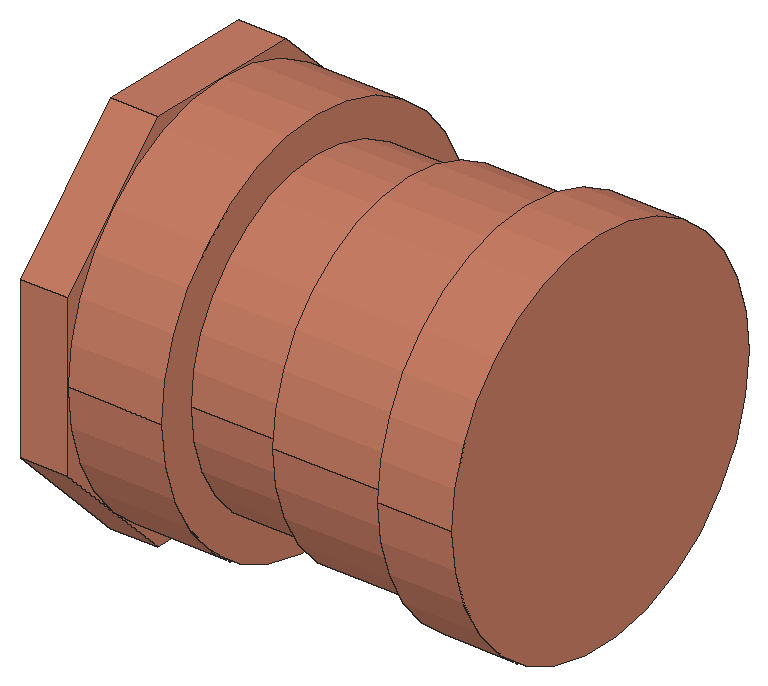
Revit family "CouplingFemale-B-PressXL-Water-Gas-Conex-65-100mm", category Pipe Fittings, Revit 2019
Family settings
  Round Connector Dimension = Use Diameter
  Part Type = Union
  OmniClass Number = 23.60.30.11.14
  OmniClass Title = Pipework Fittings
  Work Plane-Based = No
  Always vertical = Yes
  Cut with Voids When Loaded = No
  Shared = No
Parameters (values of type "Gas")
  Z [instance] = size_lookup(Lookup Table Name, "Z", L * 0.35, NominalDiameter)  # 37.00 mm
  WorkingFluidSelector = 1
  WorkingFluid [instance] = if(WorkingFluidSelector = 1, "Gas", if(WorkingFluidSelector = 2, "Water", "WorkingFluid NA"))  # "Gas"
  Uniformat IIElements = "TBC"
  URL = "http://www.conexbanninger.com.au/products/b-press-fittings#t=b-press-xl"
  Type Comments = "TBC"
  ThreadLength [instance] = Z * 0.55  # 20.35 mm
  SocketDepth [instance] = size_lookup(Lookup Table Name, "SD", L * 0.4, NominalDiameter)  # 60.00 mm
  SerialNumber [instance] = ""
  SealRingLength [instance] = SocketDepth * 0.4  # 24.00 mm
  SealRingDiameter [instance] = NominalDiameter * 1.2  # 120.00 mm
  S [instance] = size_lookup(Lookup Table Name, "S", NominalDiameter * 1.15, NominalDiameter)  # 125.00 mm
  RP [instance] = size_lookup(Lookup Table Name, "R", NominalDiameter, NominalDiameter)  # 101.60 mm
  ProductCode [instance] = if(and(NominalDiameter = 65.00 mm, WorkingFluidSelector = 1), "405127", if(and(NominalDiameter = 80.00 mm, WorkingFluidSelector = 1), "405128", if(and(NominalDiameter = 100.00 mm, WorkingFluidSelector = 1), "405129", if(and(NominalDiameter = 65.00 mm, WorkingFluidSelector = 2), "404946", if(and(NominalDiameter = 80.00 mm, WorkingFluidSelector = 2), "404947", if(and(NominalDiameter = 100.00 mm, WorkingFluidSelector = 2), "404948", "ProductCode NA"))))))  # "405129"
  OmniclassProducts = "TBC"
  OctagonLength [instance] = Z * 0.3  # 11.10 mm
  NominalDiameter [instance] = 100.00 mm
  NATSPECWorkSection = "TBC"
  ModifiedIssue_ANZRS = 20161221.54  # constant formula
  Model Version = "2015"
  Model Status [instance] = ""
  Model Specification = "BMA"
  Model = "Coupling Female"  # constant formula
  Material = Copper
  Mark [instance] = ""
  Manufacturer = "Conex | Bänninger"  # constant formula
  Loss Method = Not Defined
  Lookup Table Name = "CouplingFemale-B-PressXL-Water-Gas-Conex-65-100mm"
  L [instance] = size_lookup(Lookup Table Name, "L", NominalDiameter * 2.5, NominalDiameter)  # 138.00 mm
  K Coefficient Table = "Reducer/Coupling/Union/Increaser"
  built-in parameter 1114238 [instance] = not(0.00 mm < size_lookup(Lookup Table Name, "L", 0.00 mm, NominalDiameter))  # (empty or 0)
  FittingOutsideDiameter [instance] = NominalDiameter * 1.1  # 110.00 mm
  FinalHHWFlow [instance] = 0.0 L/s
  Description = ">B< Press XL has only two internal parts, the grip ring and the seal. Both parts have an internal diameter larger than the tube, which allows for easy tube insertion and pre press leak indication."  # constant formula
  CustomFitting [instance] = not(0.00 mm < size_lookup(Lookup Table Name, "L", 0.00 mm, NominalDiameter))  # no
  CreatedBy_ANZRS = "A2K Technologies"  # constant formula
  CreatedByURL_ANZRS = "http://www.bimmepaus.com.au/"
  Assembly Code = "D2090800"
Types (2, lengths in mm): name | WorkingFluidSelector | WorkingFluid | ProductCode
  Gas | 1 | "Gas" | "405129"
  Water | 2 | "Water" | "404948"
Reference planes
  plane 1 "Center (Front/Back)": y = 0
  plane 2: z = 0
  plane 3 "Center (Left/Right)": x = 0
  plane 4 "LL": x = -69
  plane 5 "LR": x = 69
  plane 6 "Z": x = 9
  plane 7 "ND2": y = 50
  plane 8 "ND1": y = -50
  plane 9: y = 55
  plane 10: y = -55
  plane 11: x = -28
  plane 12: x = -23
  plane 13 "SealRing": x = 45
  plane 14 "EQ1": x = -53.667
  plane 15 "EQ2": x = -38.333
Forms (mm)
  Extrusion 1, solid, material "Copper" <- "Material", detail levels fine
    sketch origin (0, 0, 0) x (0, 1, 0) y (0, 0, 1)
      loop
        line (-25.888, 62.5) -> (-62.5, 25.888) -> (-62.5, -25.888) -> (-25.888, -62.5) -> (25.888, -62.5) -> (62.5, -25.888) -> (62.5, 25.888) -> (25.888, 62.5) -> (-25.888, 62.5)
    from -69 to -53.667
  Revolve 2, solid, material "Copper" <- "Material", detail levels fine
    sketch origin (0, 0, 0) x (1, 0, 0) y (0, 1, 0)
      loop
        line (-23, 0) -> (69, 0) -> (69, 55) -> (7, 55) -> (7, 51) -> (-23, 51) -> (-23, 0)
      axis (-23, 0) -> (69, 0)
    angle from 0 to 360
  Extrusion 3, solid, material "Copper" <- "Material", detail levels fine
    sketch origin (0, 0, 0) x (0, 1, 0) y (0, 0, 1)
      loop
        circle (0, 0) r 60
    from 45 to 69
  Extrusion 4, solid, material "Copper" <- "Material", detail levels fine
    sketch origin (0, 0, 0) x (0, 1, 0) y (0, 0, 1)
      loop
        circle (0, 0) r 62.5
    from -53.667 to -23
Cuts and joins
  joined: Extrusion 1, Revolve 2, Extrusion 3, Extrusion 4
Lines and regions (mm)
  model lines, detail levels coarse+medium
    curve 1: line (-28, 0, 0) -> (9, 0, 0)
    curve 2: line (-28, -50, 0) -> (-28, 50, 0)
    curve 3: line (9, -50, 0) -> (69, -50, 0)
    curve 4: line (9, 50, 0) -> (9, -50, 0)
    curve 5: line (69, 50, 0) -> (9, 50, 0)
    curve 6: line (-69, 50, 0) -> (-28, 50, 0)
    curve 7: line (-69, -50, 0) -> (-28, -50, 0)
Dimensions and locks
  equal spacing: plane 4 "LL", plane 3 "Center (Left/Right)", plane 5 "LR"
  "L": plane 4 "LL" to plane 5 "LR"
  equal spacing: plane 7 "ND2", plane 1 "Center (Front/Back)", plane 8 "ND1"
  "NominalDiameter": plane 7 "ND2" to plane 8 "ND1"
  equal spacing: plane 10, plane 1 "Center (Front/Back)", plane 9
  "FittingOutsideDiameter": plane 9 to plane 10
  equal spacing: Extrusion 1 sketch curve, plane 1 "Center (Front/Back)", Extrusion 1 sketch curve  (x3)
  equal spacing: Extrusion 1 sketch curve, level, Extrusion 1 sketch curve
  "S": Extrusion 1 sketch curve to Extrusion 1 sketch curve  (x4)
  "SealRingLength": plane 13 "SealRing" to plane 5 "LR"
  locked: Revolve 2 sketch curve to plane 7 "ND2" at 1
  locked: Revolve 2 sketch curve to plane 6 "Z" at 2
  equal spacing: curve 2, plane 1 "Center (Front/Back)", curve 2
  "NominalDiameter": curve 2 to curve 2
  locked: plane 1 "Center (Front/Back)" to connector elem at 0
  locked: connector elem to level  (x2)
  "Z": plane 11 to plane 6 "Z"
  "SocketDepth": plane 6 "Z" to plane 5 "LR"
  locked: plane 11 to plane 12 at 5
  locked: curve 1 to connector elem at 0
  equal spacing: plane 4 "LL", plane 14 "EQ1", plane 15 "EQ2", plane 12
  "SealRingDiameter": diameter of Extrusion 3 sketch curve
  "S": diameter of Extrusion 4 sketch curve
  locked: Extrusion 1 sketch curve to Extrusion 1 sketch curve (angle 135.00°)  (x7)
  aligned and locked: plane 2 to level
  aligned and locked: Revolve 2 sketch curve to plane 9
  aligned and locked: Revolve 2 sketch curve to plane 5 "LR"
  aligned and locked: Revolve 2 sketch curve to plane 12
  aligned and locked: plane 1 "Center (Front/Back)" to Revolve 2 sketch curve
  aligned and locked: plane 1 "Center (Front/Back)" to Extrusion 3 sketch curve
  aligned and locked: level to Extrusion 3 sketch curve
  aligned and locked: Extrusion 3 to plane 13 "SealRing"
  aligned and locked: Extrusion 3 to plane 5 "LR"
  aligned and locked: plane 6 "Z" to curve 1
  aligned and locked: curve 3 to plane 8 "ND1"
  aligned and locked: curve 4 to plane 6 "Z"
  aligned and locked: plane 5 "LR" to curve 5
  aligned and locked: curve 3 to plane 5 "LR"
  aligned and locked: cut or joined group of Extrusion 1, Revolve 2, Extrusion 3, Extrusion 4 to plane 4 "LL"
  aligned and locked: Extrusion 1 to plane 14 "EQ1"
  aligned and locked: plane 1 "Center (Front/Back)" to Extrusion 4 sketch curve
  aligned and locked: level to Extrusion 4 sketch curve
  aligned and locked: Extrusion 4 to cut or joined group of Extrusion 1, Revolve 2, Extrusion 3, Extrusion 4
  aligned and locked: plane 12 to Extrusion 4
  aligned and locked: curve 7 to plane 8 "ND1"
  aligned and locked: plane 11 to curve 7
  aligned and locked: plane 4 "LL" to curve 7
  aligned and locked: plane 4 "LL" to curve 6
  aligned and locked: plane 11 to curve 6
Automatic sketch dimensions
  plane 1 "Center (Front/Back)" to Revolve 2 sketch curve = 0.00 mm
  Revolve 2 sketch curve to Revolve 2 sketch curve = 10.00 mm
  Revolve 2 sketch curve to Revolve 2 sketch curve = 25.00 mm
  curve 5 to plane 7 "ND2" = 0.00 mm
Connectors
  piping at (9, 0, 0), diameter 100, driven by "NominalDiameter"
    settings: on plane 6 "Z", index 2, connector inside diameter 609.6 mm, connector length 0.00 mm, flow factor 0, pipe flow 0.0 L/s, pressure drop 0.0 Pa, fitting loss kfactor 0, connector angle 0.00°, fixture units 0, engagement length 0.00 mm, angle of deflection 0.00°, flow configuration 0, flow direction 0, fitting loss method 0, system type 28, joint type 0, gender type 0, connector reference index 3, connector utility 0, adjustable connector no, is connector primary yes, connector description ""
  piping at (-28, 0, 0), diameter 101.6, driven by "RP"
    settings: on plane 11, index 3, connector inside diameter 609.6 mm, connector length 0.00 mm, flow factor 0, pipe flow 0.0 L/s, pressure drop 0.0 Pa, fitting loss kfactor 0, connector angle 0.00°, fixture units 0, engagement length 0.00 mm, angle of deflection 0.00°, flow configuration 0, flow direction 0, fitting loss method 0, system type 28, joint type 0, gender type 0, connector reference index 2, connector utility 0, adjustable connector no, is connector primary no, connector description ""
